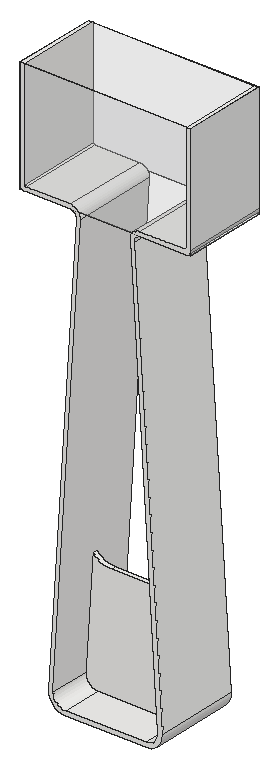
Revit family "Haworth_Tube Top_Light", category Lighting Fixtures, Revit 2018
Family settings
  Round Connector Dimension = Use Diameter
  Part Type = Normal
  OmniClass Number = 23.80.70.11.14
  OmniClass Title = General Luminaries, Directional
  Work Plane-Based = No
  Always vertical = Yes
  Cut with Voids When Loaded = No
  Light Source = Yes
  Shared = No
  Room Calculation Point = No
Parameters (values of type "HCPL-TTF1 - Floor Light")
  Wattage Comments = "6-13W 120V 60Hz"  # constant formula
  Wattage = 13 W
  Warranty = "http://www.haworth.com/resources/product-info/warranties"
  built-in parameter 1150110 = 1 (stored number, unit not read)
  URL - Product = "https://www.haworth.com/products/lighting/table/tube-top"
  URL = "http://www.haworth.com/our-brands/haworth-collection"
  Trim Finish [instance] = Haworth _ Paint _ Collection White
  built-in parameter 1114217 = 1 (stored number, unit not read)
  Top Height = if(Small Table Lamp, 6", if(Medium Table Lamp, 9", 12"))  # 12"
  Tilt Angle = 90.00°  # constant formula
  built-in parameter 1150109 = 1 (stored number, unit not read)
  built-in parameter 1150134 = (empty or 0)
  built-in parameter 1150113 = 1 (stored number, unit not read)
  Small Table Lamp = no
  Size = "Verify Final Dim. w/ Haworth"  # constant formula
  Revision Number = "1"  # constant formula
  Photometric Web File = "generic"
  Outside Radius Bottom = if(Small Table Lamp, 55/64", if(Medium Table Lamp, 1 75/256", if(Large Table Lamp, 1 45/256", 1 49/64")))  # 1 49/64"
  built-in parameter 1150142 = (empty or 0)
  Model = "HCPL-TT"  # constant formula
  Medium Table Lamp = no
  built-in parameter 1150105 = 113.8 (stored number, unit not read)
  Lumens = 1430 lm
  built-in parameter 1150115 = 1 (stored number, unit not read)
  built-in parameter 1150137 = (empty or 0)
  built-in parameter 1150139 = (empty or 0)
  Large Table Lamp = no
  built-in parameter 1150112 = 1 (stored number, unit not read)
  built-in parameter 1150114 = 1 (stored number, unit not read)
  Inside Radius Bottom = if(Small Table Lamp, 5/8", if(Medium Table Lamp, 251/256", if(Large Table Lamp, 1 145/256", 1 75/256")))  # 1 75/256"
  built-in parameter 1150132 = (empty or 0)
  built-in parameter 1150102 = (empty or 0)
  built-in parameter 1150107 = 3000 (stored number, unit not read)
  built-in parameter 1150138 = (empty or 0)
  built-in parameter 1150106 = 1.138 (stored number, unit not read)
  Manufacturer = "Haworth"  # constant formula
  Glass Finish = Haworth _ Glass _ Clear
  Floor Lamp = not(or(Large Table Lamp, Medium Table Lamp, Small Table Lamp))  # yes
  Emit from Circle Diameter = 12"  # constant formula
  Emit Shape Visible in Rendering = no
  built-in parameter 1150104 = 10.219 (stored number, unit not read)
  Dimming Lamp Color Temperature Shift = <None>
  Description = "Haworth Tube Top Floor Light"
  Color Filter = 16777215
  Base to Center Bottom = if(Small Table Lamp, 2 1/4", if(Medium Table Lamp, 3 1/2", if(Large Table Lamp, 4 1/4", 6")))  # 6"
  Base Radius to Center Top = if(Small Table Lamp, 1 77/128", if(Medium Table Lamp, 2 1/2", if(Large Table Lamp, 3 1/4", 3 45/64")))  # 3 45/64"
  Base Radius to Center Bottom = Base to Center Bottom - Outside Radius Bottom  # 4 15/64"
  Base Radius Bottom = 1 49/64"  # constant formula
  Base Offset [instance] = 28"
  Base Finish = Haworth _ Paint _ Collection White
  built-in parameter 1114218 = 1 (stored number, unit not read)
  Author = "Haworth (Alias)"  # constant formula
  built-in parameter 1150133 = 10 (stored number, unit not read)
  Assembly Code = "D5020200"
  Actual Width = if(Small Table Lamp, 9 1/2", if(Medium Table Lamp, 15", 18"))  # 18"
  Actual Height = if(Floor Lamp, 60", if(Small Table Lamp, 14", if(Medium Table Lamp, 21", 27")))  # 60"
  Actual Depth = if(Small Table Lamp, 4 1/2", if(Medium Table Lamp, 6 1/2", 9"))  # 9"
Types (4): name | Wattage | Top Height | Small Table Lamp | Outside Radius Bottom | Medium Table Lamp | built-in parameter 1150105 | Lumens | Large Table Lamp | Inside Radius Bottom | built-in parameter 1150106 | Floor Lamp | built-in parameter 1150104 | Description | Base to Center Bottom | Base Radius to Center Top | Base Radius to Center Bottom | Actual Width | Actual Height | Actual Depth
  HCPL-TTF1 - Floor Light | 13 W | 12" | no | 1 49/64" | no | 113.8 (stored number, unit not read) | 1430 lm | no | 1 75/256" | 1.138 (stored number, unit not read) | yes | 10.219 (stored number, unit not read) | "Haworth Tube Top Floor Light" | 6" | 3 45/64" | 4 15/64" | 18" | 60" | 9"
  HCPL-TTT1 - Small Table Light | 6 W | 6" | yes | 55/64" | no | 39.63 (stored number, unit not read) | 498 lm | no | 5/8" | 0.3963 (stored number, unit not read) | no | 7.711 (stored number, unit not read) | "Haworth Tube Top Small Table Light" | 2 1/4" | 1 77/128" | 1 25/64" | 9 1/2" | 14" | 4 1/2"
  HCPL-TTT2 - Medium Table Light | 13 W | 9" | no | 1 75/256" | yes | 113.8 (stored number, unit not read) | 1430 lm | no | 251/256" | 1.138 (stored number, unit not read) | no | 10.219 (stored number, unit not read) | "Haworth Tube Top Medium Table Light" | 3 1/2" | 2 1/2" | 2 53/256" | 15" | 21" | 6 1/2"
  HCPL-TTT3 - Large Table Light | 13 W | 12" | no | 1 45/256" | no | 113.8 (stored number, unit not read) | 1430 lm | yes | 1 145/256" | 1.138 (stored number, unit not read) | no | 10.219 (stored number, unit not read) | "Haworth Tube Top Large Table Light" | 4 1/4" | 3 1/4" | 3 19/256" | 18" | 27" | 9"
Reference planes (in)
  plane 1 "Center F/B": y = 8.82887
  plane 2 "Base": z = 28
  plane 3 "Center L/R": x = 1.15861
  plane 4 "Lamp Height": z = 88
  plane 5 "Right": x = 10.15861
  plane 6 "Left": x = -7.84139
  plane 7 "Back": y = 13.32887
  plane 8 "Front": y = 4.32887
  plane 9: z = 86.5
  plane 10: z = 76
  plane 11 "Inside Box Left": x = -7.82186
  plane 12 "Inside Box Right": x = 10.13908
Forms (in)
  Extrusion 1, solid, material "Haworth _ Paint _ Collection White" <- "Trim Finish"
    sketch origin (0, 8.82887, 0) x (1, 0, 0) y (0, 0, 1)
      loop
        line (-3.07577, 28) -> (5.39298, 28)
        arc (5.39298, 28) -> (6.64147, 28.51714) -> (7.15861, 29.76563) r 1.76563
        line (7.15861, 29.76563) -> (4.23636, 75.33319)
        arc (4.23636, 75.33319) -> (4.40464, 75.80202) -> (4.86173, 76) r 0.62666
        line (4.86173, 76) -> (9.63908, 76)
        arc (9.63908, 76) -> (9.99263, 76.14645) -> (10.13908, 76.5) r 0.5
        line (10.13908, 76.5) -> (10.13908, 88) -> (9.66642, 88) -> (9.66642, 76.5977)
        arc (9.66642, 76.5977) -> (9.62981, 76.50931) -> (9.54142, 76.4727) r 0.125
        line (9.54142, 76.4727) -> (4.79213, 76.4727)
        arc (4.79213, 76.4727) -> (4.05858, 76.12725) -> (3.76017, 75.37334) r 1.10156
        line (3.76017, 75.37334) -> (6.68595, 29.76563)
        arc (6.68595, 29.76563) -> (6.30725, 28.85136) -> (5.39298, 28.47266) r 1.29297
        line (5.39298, 28.47266) -> (-3.07577, 28.4716)
        arc (-3.07577, 28.4716) -> (-3.99003, 28.85136) -> (-4.36874, 29.76563) r 1.29297
        line (-4.36874, 29.76563) -> (-1.44296, 75.37334)
        arc (-1.44296, 75.37334) -> (-1.74136, 76.12725) -> (-2.47491, 76.4727) r 1.10156
        line (-2.47491, 76.4727) -> (-7.22421, 76.4727)
        arc (-7.22421, 76.4727) -> (-7.31259, 76.50931) -> (-7.34921, 76.5977) r 0.125
        line (-7.34921, 76.5977) -> (-7.34921, 88) -> (-7.82186, 88) -> (-7.82186, 76.5)
        arc (-7.82186, 76.5) -> (-7.67541, 76.14645) -> (-7.32186, 76) r 0.5
        line (-7.32186, 76) -> (-2.54452, 76)
        arc (-2.54452, 76) -> (-2.08743, 75.80202) -> (-1.91914, 75.33319) r 0.62666
        line (-1.91914, 75.33319) -> (-4.84139, 29.76563)
        arc (-4.84139, 29.76563) -> (-4.32425, 28.51714) -> (-3.07577, 28) r 1.76563
    from -4.5 to 4.5
  Extrusion 2, solid, material "Haworth _ Glass _ Clear" <- "Glass Finish"
    sketch origin (0, 0, 28.39) x (0, -1, 0) y (1, 0, 0)
      loop
        line (-13.32887, -7.84139) -> (-4.32887, -7.84139) -> (-4.32887, 10.15861) -> (-13.32887, 10.15861) -> (-13.32887, -7.84139)
      loop
        line (-13.30934, -7.82186) -> (-4.3484, -7.82186) -> (-4.3484, 10.13908) -> (-13.30934, 10.13908) -> (-13.30934, -7.82186)
    from 47.61 to 59.61
  Extrusion 3, solid, material "Haworth _ Paint _ Collection White" <- "Base Finish", visible <- "Floor Lamp"
    sketch origin (0, 8.82887, 0) x (1, 0, 0) y (0, 0, 1)
      loop
        arc (-1.59844, 40.47244) -> (-2.70308, 40.70153) -> (-3.62552, 41.351) r 2.77781
        line (-3.62552, 41.351) -> (-4.36874, 29.76563)
        arc (-4.36874, 29.76563) -> (-3.99003, 28.85136) -> (-3.07577, 28.47244) r 1.29297
        line (-3.07577, 28.47244) -> (5.39298, 28.47266)
        arc (5.39298, 28.47266) -> (6.30725, 28.85136) -> (6.68595, 29.76563) r 1.29297
        line (6.68595, 29.76563) -> (5.94274, 41.351)
        arc (5.94274, 41.351) -> (5.0203, 40.70153) -> (3.91565, 40.47244) r 2.77781
        line (3.91565, 40.47244) -> (-1.59844, 40.47244)
    from -0.25 to 0.25
Lines and regions (in)
  Masking region 1
    outline origin (0, 0, 0) x (1, 0, 0) y (0, 1, 0)
      loop
        line (-7.84139, 13.32887) -> (-7.84139, 4.32887) -> (10.15861, 4.32887) -> (10.15861, 13.32887) -> (-7.84139, 13.32887)
Dimensions and locks (in)
  "Actual Height": plane 4 "Lamp Height" to plane 2 "Base"
  "Base Offset": plane 2 "Base" to level
  "Actual Depth": plane 7 "Back" to plane 8 "Front"
  "Actual Width": plane 6 "Left" to plane 5 "Right"
  equal spacing: plane 6 "Left", plane 3 "Center L/R", plane 5 "Right"
  equal spacing: plane 7 "Back", plane 1 "Center F/B", plane 8 "Front"
  locked: plane 4 "Lamp Height" to plane 9 at 1.5
  locked: plane 8 "Front" to Extrusion 2 sketch curve at 0.01953
  locked: plane 7 "Back" to Extrusion 2 sketch curve at 0.01953
  locked: Extrusion 3 sketch curve to plane 2 "Base" at 12.47244
  "Top Height": plane 4 "Lamp Height" to plane 10
  locked: Extrusion 2 sketch curve to Extrusion 2 sketch curve at 0.01953  (x2)
  locked: plane 12 "Inside Box Right" to plane 5 "Right" at 0.01953
  locked: plane 6 "Left" to plane 11 "Inside Box Left" at 0.01953
  locked: Extrusion 1 sketch curve to plane 11 "Inside Box Left" at 0.47266
  locked: Extrusion 1 sketch curve to plane 12 "Inside Box Right" at 0.47266
  "Base Radius to Center Bottom": plane 3 "Center L/R" to Extrusion 1 sketch curve
  locked: Extrusion 1 sketch curve to plane 10 at 0.4727  (x2)
  "Base Radius to Center Bottom": Extrusion 1 sketch curve to plane 3 "Center L/R"
  "Base Radius to Center Top": plane 3 "Center L/R" to Extrusion 1 sketch curve
  "Base Radius to Center Top": Extrusion 1 sketch curve to plane 3 "Center L/R"
  "Outside Radius Bottom": radius of Extrusion 1 sketch curve  (x2)
  aligned and locked: plane 3 "Center L/R" to imposter light
  aligned and locked: imposter light to plane 1 "Center F/B"
  aligned and locked: imposter light to plane 9
  aligned and locked: Masking region 1 sketch curve to plane 5 "Right"
  aligned and locked: Masking region 1 sketch curve to plane 6 "Left"
  aligned and locked: Masking region 1 sketch curve to plane 7 "Back"
  aligned and locked: Masking region 1 sketch curve to plane 8 "Front"
  aligned and locked: Extrusion 2 sketch curve to plane 8 "Front"
  aligned and locked: Extrusion 2 sketch curve to plane 5 "Right"
  aligned and locked: Extrusion 2 sketch curve to plane 7 "Back"
  aligned and locked: Extrusion 2 sketch curve to plane 6 "Left"
  aligned and locked: Extrusion 2 to plane 4 "Lamp Height"
  aligned and locked: plane 10 to Extrusion 2
  aligned and locked: Extrusion 1 sketch curve to plane 2 "Base"
  aligned and locked: plane 7 "Back" to Extrusion 1
  aligned and locked: plane 8 "Front" to Extrusion 1
  aligned and locked: Extrusion 1 sketch curve to plane 10
  aligned and locked: plane 4 "Lamp Height" to Extrusion 1 sketch curve  (x2)
  aligned and locked: plane 12 "Inside Box Right" to Extrusion 1 sketch curve
  aligned and locked: Extrusion 1 sketch curve to plane 11 "Inside Box Left"
  aligned and locked: plane 10 to Extrusion 1 sketch curve
Automatic sketch dimensions
  plane 3 "Center L/R" to Extrusion 3 sketch curve = 2.75705"
  Extrusion 1 sketch curve to Extrusion 1 sketch curve = 0"  (x10)
  plane 11 "Inside Box Left" to Extrusion 1 sketch curve = 1/2"
  Extrusion 1 sketch curve to Extrusion 1 sketch curve = 25/256"  (x2)
  Extrusion 1 sketch curve to Extrusion 1 sketch curve = 121/256"  (x2)
  plane 10 to Extrusion 1 sketch curve = 0.62666"  (x2)
  Extrusion 1 sketch curve to Extrusion 1 sketch curve = 0.06961"
  plane 10 to Extrusion 1 sketch curve = 0.66681"  (x2)
  Extrusion 1 sketch curve to Extrusion 1 sketch curve = 0.47619"
  Extrusion 1 sketch curve to Extrusion 1 sketch curve = 1/8"
  Extrusion 1 sketch curve to Extrusion 1 sketch curve = 0.00106"
  Extrusion 3 sketch curve to plane 3 "Center L/R" = 2.75705"
  plane 2 "Base" to Extrusion 3 sketch curve = 1 49/64"  (x2)
  Extrusion 3 sketch curve to plane 3 "Center L/R" = 4 15/64"
  Extrusion 3 sketch curve to Extrusion 3 sketch curve = 2.77781"  (x2)
  Extrusion 3 sketch curve to Extrusion 3 sketch curve = 2.02708"  (x2)
  Extrusion 3 sketch curve to Extrusion 3 sketch curve = 1 75/256"  (x2)
  Extrusion 3 sketch curve to Extrusion 3 sketch curve = 0"  (x2)
  plane 3 "Center L/R" to Extrusion 3 sketch curve = 4 15/64"
  Extrusion 3 sketch curve to Extrusion 3 sketch curve = 0.00022"
